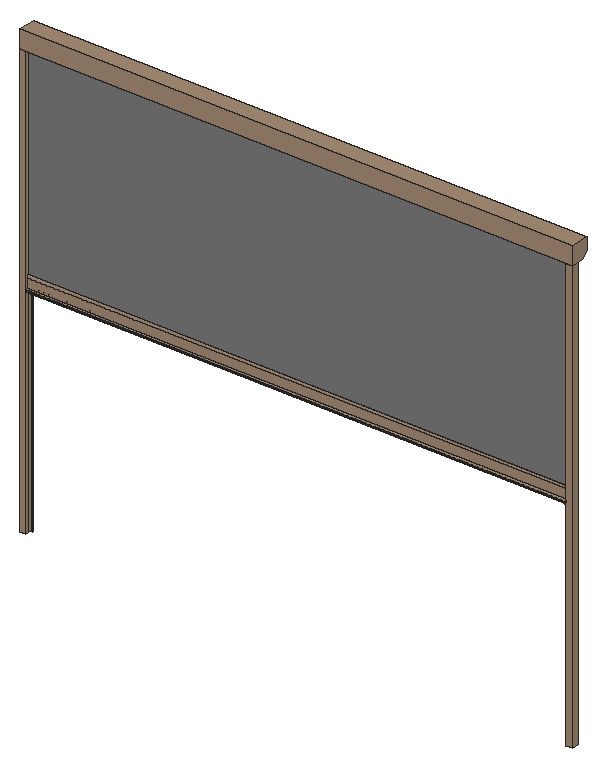
Revit family "Screen_LargeOpening_ExecutiveSeries_PhantomScreens-1", category Doors, host Wall, Revit 2025
Family settings
  Host = Wall
  OmniClass Number = 23.30.60.21
  OmniClass Title = Insect Screens
  Always vertical = Yes
  Cut with Voids When Loaded = No
  Shared = No
  Room Calculation Point = No
Parameters (values of type "Type as Specified")
  URL = "http://www.phantomscreens.com/"
  Type Comments = ""
  Track Width = 0' - 1 3/8"
  Track Depth = 0' - 1 17/32"
  Track = Light Cherry
  Specification = "http://www.phantomscreens.com/architects-designers/specifications-binder/"
  Slide Bar Width = 0' - 1 1/32"
  Slide Bar Height = 0' - 3 11/16"
  Slide Bar = Light Cherry
  Sizing Notes [instance] = if(or((Width > 25' 0"), (Height > 16' 0")), "Exceeds Maximum Size", "Standard Size")  # "Standard Size"
  Screen Width = 0' - 0 1/8"
  Screen = Opaque - Black
  Sales Information = "http://www.phantomscreens.com/support/"
  Roller Size [instance] = if(or((Width > 20' 0"), (Height > 11' 0")), 0' 5", (if(or((Width > 10' 0"), (Height > 8' 0")), 0' 4", 0' 2 1/2")))  # 0' - 2 1/2"
  Revision = "R1_08-2016"
  Product Properties = "http://www.phantomscreens.com/drive/uploads/2015/05/technical_specs_exec.pdf"
  Product Data = "http://www.arcat.com/arcatcos/cos9540/arc40535.html"
  Percent Open [instance] = 50
  Model = "Executive Series"
  Manufacturer Website = "http://www.phantomscreens.com/"
  Manufacturer Phone - Toll Free = ""
  Manufacturer Phone = "604-855-3654"
  Manufacturer Fax = "604-855-7834"
  Manufacturer Address = "30451 Simpson Rd.; Abbotsford; BC; Canada V2T 6C7"
  Manufacturer = "Phantom Screens"
  Keynote = "08 11 00"
  Installation-Fabrication = "http://www.phantomscreens.com/architects-designers/options/"
  Housing Size [instance] = if(or((Width > 20' 0"), (Height > 11' 0")), 0' 7 1/8", (if(or((Width > 10' 0"), (Height > 8' 0")), 0' 5 1/2", 0' 4")))  # 0' - 4"
  Housing = Light Cherry
  Function = Exterior
  Frame Projection Ext. = 0' - 1"
  Frame Projection Int. = 0' - 1"
  Frame Width = 0' - 3"
  Height [instance] = 8' - 0"
  Wall Closure = By host
  Width [instance] = 10' - 0"
  Drawn By = "Sumex Design - Robert S Weygant"
  Description = "Phantom Screens Executive Series Screen"
  Copyright = "� 2016 ARCAT Inc."
  Construction Details = "http://www.arcat.com/details/phantoms/95prod3444.html"
  Assembly Code = "B2020400"
  Amount Open [instance] = Height * (Percent Open / 100)  # 4' - 0"
Reference planes (in)
  plane 1 "Center (Front/Back)": y = 0
  plane 2 "Center (Left/Right)": x = 0
  plane 3 "Left": x = -60
  plane 4 "Right": x = 60
  plane 5 "Top": z = 96
  plane 6 "Exterior": y = 3
  plane 7 "Interior": y = -5
  plane 8: x = -61.375
  plane 9: y = 7
  plane 10: y = 4.53125
  plane 11: x = 61.375
  plane 12: z = 100
  plane 13: z = 51.6875
  plane 14: z = 48
  plane 15: y = 4.03125
  plane 16: y = 3.3635
  plane 17: y = 3.4885
Forms (in)
  Extrusion 1, solid, material "Light Cherry" <- "Track"
    sketch origin (0, 0, 0) x (1, 0, 0) y (0, 1, 0)
      loop
        line (-61.375, 4.53125) -> (-61.375, 3) -> (-60, 3) -> (-60, 3.3635) -> (-60.25, 3.3635) -> (-60.25, 3.4885) -> (-60, 3.4885) -> (-60, 4.40625) -> (-59.625, 4.40625) -> (-59.625, 4.53125) -> (-61.375, 4.53125)
      loop
        line (61.375, 4.53125) -> (59.625, 4.53125) -> (59.625, 4.40625) -> (60, 4.40625) -> (60, 3.4885) -> (60.25, 3.4885) -> (60.25, 3.3635) -> (60, 3.3635) -> (60, 3) -> (61.375, 3) -> (61.375, 4.53125)
    from 0 to 96
  Extrusion 2, solid, material "Light Cherry" <- "Housing"
    sketch origin (0, 0, 0) x (0, 1, 0) y (0, 0, 1)
      loop
        line (3, 100) -> (3, 96) -> (5.74264, 96) -> (7, 97.25736) -> (7, 100) -> (3, 100)
    from -61.375 to 61.375
  Extrusion 3, solid, material "Light Cherry" <- "Slide Bar"
    sketch origin (0, 0, 0) x (0, 1, 0) y (0, 0, 1)
      loop
        line (3.66775, 51.6875) -> (3.3635, 51.6875)
        arc (3.3635, 51.6875) -> (3.21471, 51.36839) -> (3.12357, 51.0283) r 2.0209
        line (3.12357, 51.0283) -> (3.12357, 49.02742) -> (3.27835, 49.02742) -> (3.27835, 48.97132)
        arc (3.27835, 48.97132) -> (3.09392, 48.81664) -> (3, 48.59501) r 0.51471
        line (3, 48.59501) -> (3, 48.4261)
        arc (3, 48.4261) -> (3.15071, 48.1398) -> (3.44249, 48) r 0.51471
        line (3.44249, 48) -> (3.5891, 48)
        arc (3.5891, 48) -> (3.90687, 48.17522) -> (4.03157, 48.516) r 0.51775
        arc (4.03157, 48.516) -> (3.95674, 48.7804) -> (3.75714, 48.96926) r 0.51775
        line (3.75714, 48.96926) -> (3.75714, 49.02742) -> (3.90768, 49.02742) -> (3.90768, 51.0283)
        arc (3.90768, 51.0283) -> (3.81654, 51.36839) -> (3.66775, 51.6875) r 2.0209
    from -60 to 60
  Extrusion 4, solid, material "Opaque - Black" <- "Screen"
    sketch origin (0, 0, 0) x (0, 1, 0) y (0, 0, 1)
      loop
        line (3.4885, 96) -> (3.3635, 96) -> (3.3635, 51.6875) -> (3.4885, 51.6875) -> (3.4885, 96)
    from -60 to 60
Lines and regions (in)
  Opening 1
    outline origin (-90, -5, 0) x (1, 0, 0) y (0, 0, 1)
      loop
        line (30, 0) -> (150, 0) -> (150, 96) -> (30, 96) -> (30, 0)
  symbolic lines, style "Elevation Swing"
    curve 1: line (60, 0, 96) -> (0, 0, 0)
    curve 2: line (0, 0, 0) -> (-59.625, 0, 96)
Text (in)
  text "Exterior" at (-74.96733, 27.31104, 0), in view "Ref. Level"
  text "Interior" at (-74.96733, -25.14366, 0), in view "Ref. Level"
  text "Exterior" at (0, 40.15149, 123.01588), in view "Right"
  text "Interior" at (0, -64.39139, 123.01588), in view "Right"
  text "Interior" at (0, -31.01599, 123.00693), in view "Left"
  text "Exterior" at (0, 54.57065, 123.00693), in view "Left"
Dimensions and locks (in)
  equal spacing: plane 3 "Left", plane 2 "Center (Left/Right)", plane 4 "Right"
  "Height": level to plane 5 "Top"
  "Width": plane 3 "Left" to plane 4 "Right"
  "Track Width": plane 8 to plane 3 "Left"
  "Track Depth": plane 6 "Exterior" to plane 10
  "Track Width": plane 4 "Right" to plane 11
  "Housing Size": plane 5 "Top" to plane 12
  "Housing Size": plane 9 to plane 6 "Exterior"
  "Slide Bar Height": plane 14 to plane 13
  "Slide Bar Width": plane 15 to plane 6 "Exterior"
  "Screen Width": plane 17 to plane 16
  "Amount Open": plane 14 to level
  locked: plane 16 to plane 6 "Exterior" at 0.3635
  locked: plane 10 to Extrusion 1 sketch curve at 0.125  (x2)
  locked: plane 3 "Left" to Extrusion 1 sketch curve at 0.375
  locked: plane 4 "Right" to Extrusion 1 sketch curve at 0.25
  locked: Extrusion 1 sketch curve to plane 4 "Right" at 0.375
  aligned and locked: plane 3 "Left" to Opening 1 sketch curve
  aligned and locked: plane 5 "Top" to Opening 1 sketch curve  (x2)
  aligned and locked: Opening 1 sketch curve to plane 4 "Right"
  aligned and locked: Opening 1 sketch curve to level
  aligned and locked: plane 6 "Exterior" to host wall
  aligned and locked: plane 7 "Interior" to host wall
  aligned and locked: Extrusion 1 sketch curve to plane 10  (x2)
  aligned and locked: plane 8 to Extrusion 1 sketch curve
  aligned and locked: host wall to Extrusion 1 sketch curve
  aligned and locked: Extrusion 1 to plane 5 "Top"
  aligned and locked: Extrusion 2 sketch curve to plane 12
  aligned and locked: Extrusion 2 sketch curve to plane 6 "Exterior"
  aligned and locked: Extrusion 2 sketch curve to plane 5 "Top"
  aligned and locked: Extrusion 2 sketch curve to plane 9
  aligned and locked: Extrusion 2 to plane 11
  aligned and locked: Extrusion 2 to plane 8
  aligned and locked: plane 13 to Extrusion 3 sketch curve
  aligned and locked: plane 14 to Extrusion 3 sketch curve
  aligned and locked: plane 6 "Exterior" to Extrusion 3 sketch curve
  aligned and locked: Extrusion 3 to plane 4 "Right"
  aligned and locked: Extrusion 4 sketch curve to plane 5 "Top"
  aligned and locked: plane 17 to Extrusion 4 sketch curve
  aligned and locked: Extrusion 4 sketch curve to Extrusion 3  (x2)
  aligned and locked: Extrusion 4 to plane 4 "Right"
  aligned and locked: plane 3 "Left" to Extrusion 4
  aligned and locked: plane 3 "Left" to Extrusion 1 sketch curve  (x2)
  aligned and locked: plane 4 "Right" to Extrusion 1 sketch curve
  aligned and locked: Extrusion 1 sketch curve to plane 11
  aligned and locked: plane 6 "Exterior" to Extrusion 1 sketch curve
  aligned and locked: Extrusion 1 sketch curve to plane 17
  aligned and locked: plane 16 to Extrusion 1 sketch curve
  aligned and locked: plane 3 "Left" to Extrusion 3
Automatic sketch dimensions
  Extrusion 2 sketch curve to plane 5 "Top" = 0' - 1.25736"
  Extrusion 2 sketch curve to plane 9 = 0' - 1.25736"
  plane 5 "Top" to Extrusion 2 sketch curve = 0' - 0"
  Extrusion 3 sketch curve to Extrusion 3 sketch curve = 0' - 0"  (x4)
  Extrusion 3 sketch curve to host wall = 0' - 1.08248"
  host wall to Extrusion 3 sketch curve = 0' - 0.12357"
  Extrusion 3 sketch curve to Extrusion 3 sketch curve = 0' - 0.15478"
  host wall to Extrusion 3 sketch curve = 0' - 0.44249"
  Extrusion 3 sketch curve to Extrusion 3 sketch curve = 0' - 0.00611"
  Extrusion 3 sketch curve to Extrusion 3 sketch curve = 0' - 0.14661"
  plane 15 to Extrusion 3 sketch curve = 0' - 0.27411"
  plane 15 to Extrusion 3 sketch curve = 0' - 0.12357"
  plane 10 to Extrusion 3 sketch curve = 0' - 0.58248"
  Extrusion 3 sketch curve to plane 14 = 0' - 0.4261"
  Extrusion 3 sketch curve to Extrusion 3 sketch curve = 0' - 0.00169"
  Extrusion 3 sketch curve to Extrusion 3 sketch curve = 0' - 0.00206"
  Extrusion 3 sketch curve to Extrusion 3 sketch curve = 0' - 0.0561"
  Extrusion 3 sketch curve to Extrusion 3 sketch curve = 0' - 0.05816"
  Extrusion 3 sketch curve to plane 13 = 0' - 1.0103"  (x2)
  Extrusion 3 sketch curve to Extrusion 3 sketch curve = 0' - 0.23993"  (x2)
  Extrusion 3 sketch curve to plane 15 = 0' - 0.00032"
  Extrusion 3 sketch curve to Extrusion 3 sketch curve = 0' - 0.06525"
  Extrusion 1 sketch curve to plane 16 = 0' - 0"
  Extrusion 1 sketch curve to plane 17 = 0' - 0"
  Extrusion 1 sketch curve to plane 4 "Right" = 0' - 0"
  Extrusion 1 sketch curve to host wall = 0' - 0"
  Extrusion 1 sketch curve to Extrusion 1 sketch curve = 0' - 0 1/4"
  curve 2 to plane 5 "Top" = 0' - 0"
  curve 2 to plane 2 "Center (Left/Right)" = 0' - 0"
  curve 1 to level = 0' - 0"
  plane 4 "Right" to curve 1 = 0' - 0"
  curve 2 to plane 3 "Left" = 0' - 0 3/8"
  curve 1 to plane 5 "Top" = 0' - 0"
